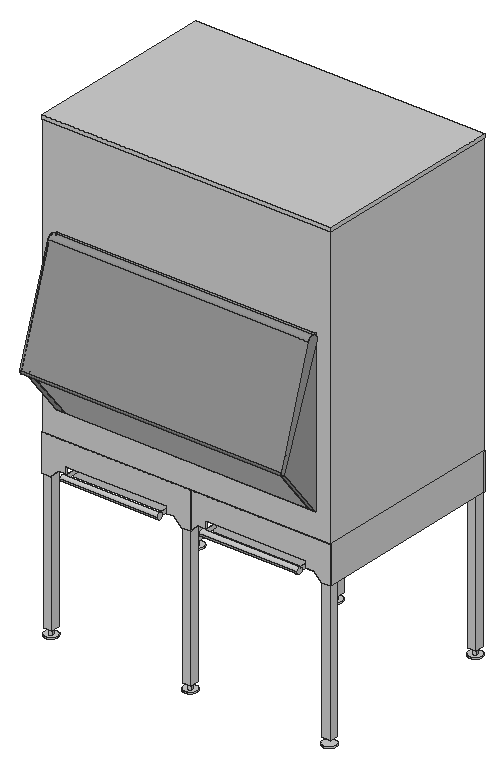
Revit family "QF_HOSHIZAKI_ITS2250SG-60", category Specialty Equipment, Revit 2016
Family settings
  Part Type = Normal
  Round Connector Dimension = Use Diameter
  OmniClass Number = 23.40.40.14
  OmniClass Title = Food Service Equipment
  Work Plane-Based = No
  Always vertical = Yes
  Cut with Voids When Loaded = No
  Shared = No
  Room Calculation Point = No
Parameters (values of type "ITS2250SG-60")
  Weight = 420.00 kg
  URL Cutsheet = ""
  URL = "www.hoshizaki-europe.com"
  Status [instance] = ""
  Specification by User [instance] = ""
  Specification by Manufacturer [instance] = ""
  Serial Number = ""
  Seismic Rating = ""
  SMACNA No = ""
  Revision Code [instance] = ""
  NAFEM Spec ID Number = ""
  Model = "ITS2250SG-60"
  Masterspec = ""
  Manufacturer = "HOSHIZAKI"
  Length Actual = 1524 mm
  Item Number [instance] = ""
  Installed By [instance] = ""
  Identify Quantity as Lot [instance] = no
  Height Actual = 2464 mm
  Furnished By [instance] = ""
  Foodservice Equipment Identifier [instance] = yes
  Description = "ICE TRANSPORT SYSTEM, 968KG BIN CAPACITY, TWIN CART"
  Depth Actual = 1016 mm
  Cost = 0
  CSI MasterFormat = ""
  Assembly Code = "E1090320"
  Accessory = no
Reference planes
  plane 1 "Center (Front/Back)": y = 0
  plane 2: z = 0
  plane 3 "Center (Left/Right)": x = 0
Dimensions and locks
  aligned and locked: level to plane 2
Nested families
  nested 1: "QF_HOSHIZAKI_ITS2250SG-60" at (0, 0, 0), type "ITS2250SG-60"
    with Show Clearance yes
Definition of nested family "QF_HOSHIZAKI_ITS2250SG-60"
  Parameters (values of type "ITS2250SG-60")
    URL = "www.hoshizaki-europe.com"
    Show Clearance [instance] = yes
    Model = "ITS2250SG-60"
    Manufacturer = "HOSHIZAKI"
    Description = "ICE TRANSPORT SYSTEM, 968KG BIN CAPACITY, TWIN CART"
    Assembly Code = "E1090320"
  Reference planes
    plane 1 "Back": y = 0
    plane 2: z = 0
    plane 3 "Left": x = 0
    plane 4 "Right": x = 1524
    plane 5 "Front": y = -1016
    plane 6 "Top": z = 2464
  Forms (mm)
    Extrusion 1, solid
      sketch origin (44.953, -123.309, 2444) x (1, 0, 0) y (0, 1, 0)
        loop
          line (-44.453, -892.691) -> (1479.047, -892.691) -> (1479.047, 123.309) -> (-44.453, 123.309) -> (-44.453, -892.691)
      from 0 to 20
    Extrusion 2, solid
      sketch origin (0, 0, 0) x (1, 0, 0) y (0, 1, 0)
        loop
          line (2.5, -2) -> (2.5, -1014) -> (77.5, -1014) -> (77.5, -1004) -> (12.5, -1004) -> (12.5, -12) -> (1512, -12) -> (1512, -1004) -> (1447, -1004) -> (1447, -1014) -> (1522, -1014) -> (1522, -2) -> (2.5, -2)
      from 2444 to 965
    Extrusion 3, solid
      sketch origin (0, 0, 2231) x (1, 0, 0) y (0, 1, 0)
        loop
          line (77.5, -1004) -> (77.5, -1014) -> (1447, -1014) -> (1447, -1004) -> (77.5, -1004)
      from -294.2 to 213
    Extrusion 4, solid
      sketch origin (0, 0, 965) x (1, 0, 0) y (0, 1, 0)
        loop
          line (77.5, -1004) -> (77.5, -1014) -> (1447, -1014) -> (1447, -1004) -> (77.5, -1004)
      from 0 to 128.51
    Extrusion 5, solid
      sketch origin (0, 0, 965) x (1, 0, 0) y (0, 1, 0)
        loop
          line (12.5, -12) -> (12.5, -1004) -> (1512, -1004) -> (1512, -12) -> (12.5, -12)
      from 0 to 10
    Extrusion 6, solid
      sketch origin (0, 0, 35) x (1, 0, 0) y (0, 1, 0)
        loop
          line (5, -1011) -> (48.5, -1011) -> (48.5, -968) -> (5, -968) -> (5, -1011)
        loop
          line (1475.5, -1011) -> (1519, -1011) -> (1519, -968) -> (1475.5, -968) -> (1475.5, -1011)
        loop
          line (5, -48) -> (48.5, -48) -> (48.5, -5) -> (5, -5) -> (5, -48)
        loop
          line (1475.5, -48) -> (1519, -48) -> (1519, -5) -> (1475.5, -5) -> (1475.5, -48)
        loop
          line (740.25, -1011) -> (783.75, -1011) -> (783.75, -968) -> (740.25, -968) -> (740.25, -1011)
        loop
          line (740.25, -48) -> (783.75, -48) -> (783.75, -5) -> (740.25, -5) -> (740.25, -48)
      from 0 to 930
    Extrusion 7, solid
      sketch origin (0, -1011, 190) x (1, 0, 0) y (0, 0, 1)
        loop
          line (88.5, 619) -> (128.5, 619) -> (128.5, 654) -> (658.5, 654) -> (658.5, 619) -> (698.5, 619) -> (738.5, 579) -> (785.5, 579) -> (825.5, 619) -> (865.5, 619) -> (865.5, 654) -> (1395.5, 654) -> (1395.5, 619) -> (1435.5, 619) -> (1475.5, 579) -> (1524, 579) -> (1524, 775) -> (0, 775) -> (0, 579) -> (48.5, 579) -> (88.5, 619)
      from 0 to 5
    Extrusion 8, solid
      sketch origin (0, 0, 190) x (0, 1, 0) y (0, 0, 1)
        loop
          line (-5, 579) -> (-5, 775) -> (-1011, 775) -> (-1011, 579) -> (-5, 579)
      from 0 to 5
    Extrusion 9, solid
      sketch origin (1519, 0, 190) x (0, 1, 0) y (0, 0, 1)
        loop
          line (-5, 579) -> (-5, 775) -> (-1011, 775) -> (-1011, 579) -> (-5, 579)
      from 0 to 5
    Extrusion 10, solid
      sketch origin (0, 0, 0) x (1, 0, 0) y (0, 1, 0)
        loop
          circle (762, -989.5) r 35
        loop
          circle (26.75, -989.5) r 35
        loop
          circle (757.25, -26.5) r 35
        loop
          circle (26.75, -26.5) r 35
        loop
          circle (1497.25, -989.5) r 35
        loop
          circle (1497.25, -26.5) r 35
      from 0 to 5
    Extrusion 11, solid
      sketch origin (0, 0, 0) x (1, 0, 0) y (0, 1, 0)
        loop
          circle (26.75, -989.5) r 10
        loop
          circle (762, -989.5) r 10
        loop
          circle (26.75, -26.5) r 10
        loop
          circle (759, -26.5) r 10
        loop
          circle (1497.25, -26.5) r 10
      from 5 to 35
    Extrusion 12, solid
      sketch origin (0, 0, 190) x (1, 0, 0) y (0, 0, 1)
        loop
          line (130.5, 652) -> (130.5, 585.5) -> (656.5, 585.5) -> (656.5, 652) -> (130.5, 652)
      from 968 to 5
    Extrusion 13, solid
      sketch origin (143, 0, 190) x (0, 1, 0) y (0, 0, 1)
        loop
          line (-968, 628.75) -> (-1039.48, 628.75)
          arc (-1039.48, 628.75) -> (-1035.669, 618.75) -> (-1039.48, 608.75) r 15.027
          line (-1039.48, 608.75) -> (-968, 608.75) -> (-968, 628.75)
      from 0 to 2
    Extrusion 14, solid
      sketch origin (644, 0, 190) x (0, 1, 0) y (0, 0, -1)
        loop
          line (-968, -628.75) -> (-968, -608.75) -> (-1039.48, -608.75)
          arc (-1039.48, -608.75) -> (-1035.669, -618.75) -> (-1039.48, -628.75) r 15.027
          line (-1039.48, -628.75) -> (-968, -628.75)
      from 0 to 2
    Extrusion 15, solid
      sketch origin (0, 6.277, 190.666) x (0, 1, 0) y (0, 0, 1)
        loop
          circle (-1056.946, 618.084) r 15
      from 136.522 to 650.901
    Extrusion 16, solid, visible <- "Show Clearance", detail levels coarse
      sketch origin (0, 0, 0) x (0, 1, 0) y (0, 0, 1)
        loop
          line (-1016, 0) -> (-1016, 965) -> (-1847, 965) -> (-1847, 0) -> (-1016, 0)
      from 0 to 1524
    Extrusion 17, solid
      sketch origin (77.5, 0, 0) x (0, 1, 0) y (0, 0, 1)
        loop
          line (-1014, 1093.51) -> (-1014, 1936.8) -> (-1240.073, 1382.871) -> (-1014, 1093.51)
      from 0 to 40
    Extrusion 18, solid
      sketch origin (72, 227.247, 757.931) x (0, 0.987211, 0.159421) y (0, -0.159421, 0.987211)
        loop
          arc (-1358.18, 850.227) -> (-1357.772, 837.038) -> (-1348.649, 827.505) r 18.424
          line (-1348.649, 827.505) -> (-1043.596, 1331.737)
          arc (-1043.596, 1331.737) -> (-1043.087, 1347.842) -> (-1051.352, 1361.674) r 28.644
          arc (-1051.352, 1361.674) -> (-1074.075, 1368.057) -> (-1092.536, 1353.35) r 25.892
          line (-1092.536, 1353.35) -> (-1358.18, 850.227)
      from 0 to 5
    Extrusion 19, solid
      sketch origin (0, 0, 0) x (0, 1, 0) y (0, 0, 1)
        loop
          line (-1014, 1093.51) -> (-1004, 1093.51) -> (-1004, 1136.665) -> (-1014, 1136.665) -> (-1228.504, 1411.218) -> (-1240.073, 1382.871) -> (-1014, 1093.51)
      from 117.5 to 1407
    Extrusion 20, solid
      sketch origin (71.5, 227.247, 757.931) x (0, 0.987211, 0.159421) y (0, -0.159421, 0.987211)
        loop
          line (-1354.311, 848.488) -> (-1089.452, 1350.126)
          arc (-1089.452, 1350.126) -> (-1066.556, 1362.698) -> (-1048.053, 1344.261) r 21.785
          line (-1048.053, 1344.261) -> (-1037.435, 1361.674) -> (-1051.352, 1361.674)
          arc (-1051.352, 1361.674) -> (-1074.075, 1368.057) -> (-1092.536, 1353.35) r 25.892
          line (-1092.536, 1353.35) -> (-1358.18, 850.227)
          arc (-1358.18, 850.227) -> (-1357.772, 837.038) -> (-1348.649, 827.505) r 18.424
          line (-1348.649, 827.505) -> (-1346.25, 831.862)
          arc (-1346.25, 831.862) -> (-1352.926, 838.893) -> (-1354.311, 848.488) r 15.987
      from 1375.5 to 5.5
    Extrusion 21, solid
      sketch origin (0, 0, 190) x (1, 0, 0) y (0, 0, 1)
        loop
          line (88.5, 619) -> (128.5, 619) -> (128.5, 654) -> (658.5, 654) -> (658.5, 619) -> (698.5, 619) -> (738.5, 579) -> (785.5, 579) -> (825.5, 619) -> (865.5, 619) -> (865.5, 654) -> (1395.5, 654) -> (1395.5, 619) -> (1435.5, 619) -> (1475.5, 579) -> (1524, 579) -> (1524, 775) -> (0, 775) -> (0, 579) -> (48.5, 579) -> (88.5, 619)
      from 0 to 5
    Extrusion 22, solid
      sketch origin (737, 0, 190) x (1, 0, 0) y (0, 0, 1)
        loop
          line (130.5, 652) -> (130.5, 585.5) -> (656.5, 585.5) -> (656.5, 652) -> (130.5, 652)
      from 968 to 5
    Extrusion 23, solid
      sketch origin (880, 0, 190) x (0, 1, 0) y (0, 0, 1)
        loop
          line (-968, 628.75) -> (-1039.48, 628.75)
          arc (-1039.48, 628.75) -> (-1035.669, 618.75) -> (-1039.48, 608.75) r 15.027
          line (-1039.48, 608.75) -> (-968, 608.75) -> (-968, 628.75)
      from 0 to 2
    Extrusion 24, solid
      sketch origin (1381, 0, 190) x (0, 1, 0) y (0, 0, -1)
        loop
          line (-968, -628.75) -> (-968, -608.75) -> (-1039.48, -608.75)
          arc (-1039.48, -608.75) -> (-1035.669, -618.75) -> (-1039.48, -628.75) r 15.027
          line (-1039.48, -628.75) -> (-968, -628.75)
      from 0 to 2
    Extrusion 25, solid
      sketch origin (737, 6.277, 190.666) x (0, 1, 0) y (0, 0, 1)
        loop
          circle (-1056.946, 618.084) r 15
      from 136.522 to 650.901
    Extrusion 26, solid
      sketch origin (1447, 0, 0) x (0, 1, 0) y (0, 0, -1)
        loop
          line (-1014, -1093.51) -> (-1240.073, -1382.871) -> (-1014, -1936.8) -> (-1014, -1093.51)
      from 0 to 40
    Extrusion 27, solid
      sketch origin (1447, 227.247, 757.931) x (0, 0.987211, 0.159421) y (0, -0.159421, 0.987211)
        loop
          arc (-1358.18, 850.227) -> (-1357.772, 837.038) -> (-1348.649, 827.505) r 18.424
          line (-1348.649, 827.505) -> (-1043.596, 1331.737)
          arc (-1043.596, 1331.737) -> (-1043.087, 1347.842) -> (-1051.352, 1361.674) r 28.644
          arc (-1051.352, 1361.674) -> (-1074.075, 1368.057) -> (-1092.536, 1353.35) r 25.892
          line (-1092.536, 1353.35) -> (-1358.18, 850.227)
      from 0 to 5
    Extrusion 28, solid, visible <- "Show Clearance", detail levels coarse
      sketch origin (0, 0, 0) x (0, 1, 0) y (0, 0, 1)
        loop
          arc (-1067.07, 1919.799) -> (-1057.811, 1933.588) -> (-1042.08, 1938.916) r 25.892
          line (-1042.08, 1938.916) -> (-1016, 1938.916) -> (-1016, 2495.343)
          arc (-1016, 2495.343) -> (-1613.943, 2031.867) -> (-1253.929, 1366.483) r 584.621
          line (-1253.929, 1366.483) -> (-1067.07, 1919.799)
      from 72 to 1452
  Cuts and joins
    joined: Extrusion 2, Extrusion 3, Extrusion 4
    joined: Extrusion 18, Extrusion 20, Extrusion 27
  Lines and regions (mm)
    symbolic lines, visible <- "Show Clearance"
      curve 1: line (0, -1847, 0) -> (1524, -1847, 0)
      curve 2: line (1524, -1847, 0) -> (1524, -1016, 0)
      curve 3: line (0, -1016, 0) -> (0, -1847, 0)
    symbolic lines
      curve 4: line (0, 0, 0) -> (1524, 0, 0)
      curve 5: line (0, -1016, 0) -> (0, 0, 0)
      curve 6: line (1524, -1016, 0) -> (0, -1016, 0)
      curve 7: line (1524, 0, 0) -> (1524, -1016, 0)
      curve 8: arc (0, -1012.071, 0) -> (-8.25, -989.5, 0) -> (0, -966.929, 0) r 35
      curve 9: arc (3.886, -1016, 0) -> (26.75, -1024.5, 0) -> (49.614, -1016, 0) r 35
      curve 10: arc (0, -3.929, 0) -> (-8.25, -26.5, 0) -> (0, -49.071, 0) r 35
      curve 11: arc (3.886, 0, 0) -> (26.75, 8.5, 0) -> (49.614, 0, 0) r 35
      curve 12: arc (783.114, 0, 0) -> (760.25, 8.5, 0) -> (737.386, 0, 0) r 35
      curve 13: arc (1524, -49.071, 0) -> (1532.358, -27.035, 0) -> (1524, -5, 0) r 33.226
      curve 14: arc (1524, -1012.071, 0) -> (1532.25, -989.5, 0) -> (1524, -966.929, 0) r 35
      curve 15: line (72, -1249.39, 0) -> (72, -1016, 0)
      curve 16: line (72, -1249.39, 0) -> (1452, -1249.39, 0)
      curve 17: line (1452, -1249.39, 0) -> (1452, -1016, 0)
  Dimensions and locks
    aligned and locked: level to plane 2
